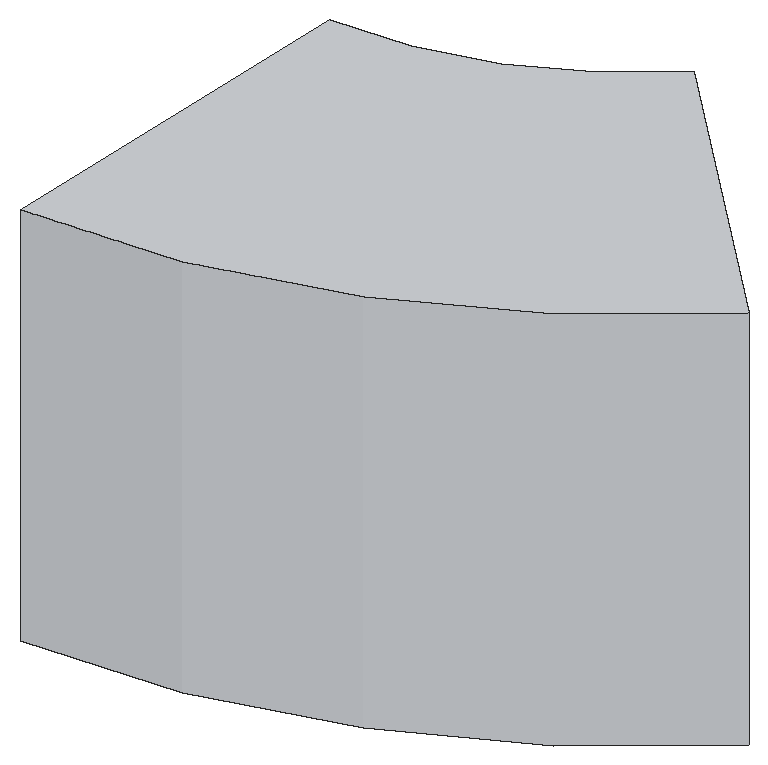
Revit family "M_Cotovelo retangular - Raio", category Conexões de duto, Revit 2019
Family settings
  Cota do conector redondo = Utilizar diâmetro
  Tipo de parte = Cotovelo
  Número OmniClass = 23.75.70.14
  Título OmniClass = Air Ductwork
  ID de item do Seek = Rectangular Elbow - Radius-0000-CAN-ENU
  Com base no plano de trabalho = Não
  Sempre na vertical = Sim
  Corte com vazios quando carregada = Não
  Compartilhado = Não
Parameters (values of type "1.5 W")
  Largura do duto [instance] = 300 mm
  Multiplicador de raio = 1.5
  Comprimento do duto 1 [instance] = Raio do centro * tan(Ângulo / 2)  # 186.396 mm
  Altura do duto [instance] = 300 mm
  Raio do centro [instance] = Multiplicador de raio * Largura do duto  # 450 mm
  Assembly Code = ""
  Ângulo [instance] = 45.00°
Types (3, lengths in mm): name | Multiplicador de raio | Comprimento do duto 1 | Raio do centro
  1.5 W | 1.5 | 186.396 | 450
  1 W | 1 | 124.264 | 300
  2 W | 2 | 248.528 | 600
Reference planes
  plane 1 "Centro (Frente/Trás)": y = 0
  plane 2: z = 0
  plane 3 "Centro (Esquerda/Direita)": x = 0
  plane 4: y = 450
  plane 5: x = -186.396
Forms (mm)
  Sweep 1, solid, detail levels medium+fine
    path in 3D
      loop
        arc (-186.396, 0, 0) -> (-14.189, 34.254, 0) -> (131.802, 131.802, 0) r 450
    profile "M_Duto - Retangular : Duto - Retangular" origin (-14.189, 34.254, 0) x (-0.382683, 0.92388, 0) y (0, 0, 1)
      loop
        line (-150, 150) -> (-150, -150) -> (150, -150) -> (150, 150) -> (-150, 150)
Lines and regions (mm)
  reference lines
    curve 1: line (-186.396, 0, 0) -> (0, 0, 0)
    curve 2: line (0, 0, 0) -> (131.802, 131.802, 0)
    curve 3: arc (-186.396, 0, 0) -> (-14.189, 34.254, 0) -> (131.802, 131.802, 0) r 450
    curve 4: line (-186.396, 450, 0) -> (131.802, 131.802, 0)
    curve 7: line (-186.396, 450, 0) -> (-186.396, 0, 0)
  sketch lines
    curve 5: arc (-186.396, 0, 0) -> (-14.189, 34.254, 0) -> (131.802, 131.802, 0) r 450
  model lines, style "DuctFitting", detail levels coarse
    curve 6: arc (-186.396, 0, 0) -> (-14.189, 34.254, 0) -> (131.802, 131.802, 0) r 450
Dimensions and locks
  "Comprimento do duto 1": plane 5 to plane 3 "Centro (Esquerda/Direita)"
  "Raio do centro": plane 1 "Centro (Frente/Trás)" to plane 4
  "Ângulo": angle curve 7 to curve 4
  "Ângulo": angle curve 6 to curve 6
  aligned and locked: plane 1 "Centro (Frente/Trás)" to curve 1
  aligned and locked: plane 3 "Centro (Esquerda/Direita)" to curve 1
  aligned and locked: plane 5 to curve 1
  aligned and locked: plane 4 to curve 3
  aligned and locked: plane 5 to curve 3
  aligned and locked: connector elem to curve 6
  aligned and locked: plane 4 to curve 6
  aligned and locked: plane 5 to curve 6  (x2)
  aligned and locked: curve 7 to plane 5
  aligned and locked: plane 4 to curve 7
Connectors
  hvac at (-186.396, 0, 0), driven by "Ângulo", driven by "Altura do duto", driven by "Largura do duto"
    settings: on Sweep 1, index 1, duct flow 0.0 L/s, flow factor 0, pres drop 0.0 Pa, loss coef 0, conn angle 45.00°, conn width 300 mm, conn height 300 mm, conn diameter 609.6 mm, duct sys type 28, conn prof type 1, flow config 0, flow direction 0, loss method 0, conn ref index 2, conn util no, is conn primary yes, conn desc ""
  hvac at (131.802, 131.802, 0), driven by "Ângulo", driven by "Altura do duto", driven by "Largura do duto"
    settings: on Sweep 1, index 2, duct flow 0.0 L/s, flow factor 0, pres drop 0.0 Pa, loss coef 0, conn angle 45.00°, conn width 300 mm, conn height 300 mm, conn diameter 609.6 mm, duct sys type 28, conn prof type 1, flow config 0, flow direction 0, loss method 0, conn ref index 1, conn util no, is conn primary no, conn desc ""
